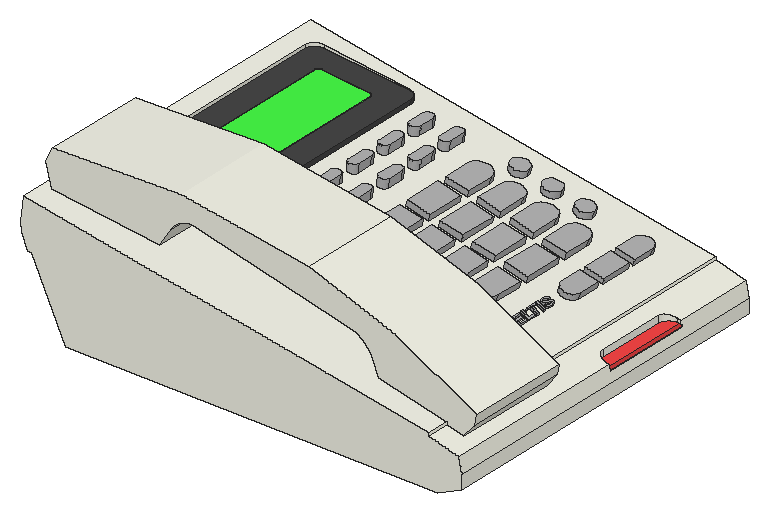
Revit family "Пульт поста охраны SC-5000D1", category Устройства связи, Revit 2017
Family settings
  Сохранять ориентацию аннотаций = Нет
  Размер круглого соединителя = Использовать диаметр
  Тип детали = Нормальный
  На основе рабочей плоскости = Нет
  Всегда вертикально = Да
  При загрузке вырезать с полостями = Нет
  Общий = Нет
  Точка расчета площади = Нет
Parameters (values of type "Пульт поста охраны SC-5000D1")
  Отступ от грани [instance] = 100 mm
  Описание = "Пульт поста охраны SC-5000D1"
  Материал = Бежевый пластик
  Градус [instance] = if(Вертикально, 90.00°, 0.00°)  # 0.00°
  Горизонтальное [instance] = not(Вертикально)  # yes
  Вертикально [instance] = no
  URL = "https://www.eltis.com/catalog/pulty-konserzha/546/2622/"
  ADSK_Этаж [instance] = ""
  ADSK_Обозначение = "SC-5000D1"
  ADSK_Наименование краткое = "Пульт поста охраны"
  ADSK_Наименование = "Пульт поста охраны SC-5000D1"
  ADSK_Масса = 0.63
  ADSK_Марка = "SC-5000D1"
  ADSK_Завод-изготовитель = "ELTIS"  # constant formula
Reference planes
  plane 1 "По центру (Вперед/Назад)": y = 0
  plane 2: z = 0
  plane 3 "Е1": x = 0
  plane 4 "Е1Е": z = 100
Lines and regions (mm)
  reference lines
    curve 1: line (1, 0, 101) -> (126, 0, 101)
Dimensions and locks
  "Отступ от грани": plane 4 "Е1Е" to level
  locked: curve 1 to plane 3 "Е1" at 1
  locked: curve 1 to plane 4 "Е1Е" at 1
  "Градус": angle plane 4 "Е1Е" to curve 1
  aligned and locked: level to plane 2
  aligned and locked: nested 1 to plane 3 "Е1"
  aligned and locked: nested 1 to plane 1 "По центру (Вперед/Назад)"
  aligned and locked: nested 2 to plane 4 "Е1Е"
Nested families
  nested 1: "Пульт " at (206.777, 0, 100) x (0, 1, 0) z (0, 0, 1), visible <- "Горизонтальное", type "Пульт "
  nested 2: "Пульт " at (0, 0, 100) x (0, 1, 0) z (1, 0, 0), visible <- "Вертикально", type "Пульт "
Connectors
  electrical at (1, 0, 101)
    settings: on curve 1, index 1, voltage 0 V, apparent load 0 VA, apparent load phase1 0 VA, apparent load phase2 0 VA, apparent load phase3 0 VA, power factor 1, load classification "Прочее", number of poles 1, system type 12, power factor state 1, is connector primary yes, connector utility no, sub classification motor no, connector description ""
Definition of nested family "Пульт "
  Parameters (values of type "Пульт ")
    Ширина (внутр) = 83 mm
    Черный пластик = none
    Серый пластик = none
    Default Elevation = 1219.2 mm
    Красный пластик = none
    Зеленный пластик = none
    Бежевый пластик = none
  Reference planes
    plane 1 "По центру (Вперед/Назад)": y = 0
    plane 2: z = 0
    plane 3 "У23": x = 0
    plane 4: z = 3
    plane 5: z = 25
    plane 6 "EE1": x = -84
    plane 7: x = 84
    plane 8: y = 135.89
    plane 9: z = 26
    plane 10 "M12": through (-92.953, 216.234, 58.251) normal (0, -0.0872, 0.9962)
    plane 11 "T23": through (-92.953, 162.875, 58.396) normal (0, -0.214, 0.9768)
    plane 12 "T12345": y = 206.777
  Forms (mm)
    Extrusion 1, solid
      sketch origin (0, 0, 0) x (1, 0, 0) y (0, 1, 0)
        loop
          line (-1219.2, 1219.2) -> (-1219.2, -1219.2) -> (1219.2, -1219.2) -> (1219.2, 1219.2) -> (-1219.2, 1219.2)
      from 0 to -304.8
    Extrusion 2, solid, material <- "Бежевый пластик"
      sketch origin (0, 0, 0) x (0, 1, 0) y (0, 0, 1)
        loop
          arc (204.934, 59.631) -> (109.449, 47.326) -> (15.447, 26.536) r 1076
          line (15.447, 26.536) -> (15.255, 25.449) -> (1.278, 21.587) -> (0, 14.337) -> (0, 8.095) -> (10.927, 3) -> (185.577, 3) -> (201.412, 36.958) -> (203.067, 36.958) -> (206.258, 43.8) -> (206.777, 47.999) -> (204.934, 59.631)
      from -84 to 84
    Extrusion 3, solid
      sketch origin (0, 0, 0) x (1, 0, 0) y (0, 1, 0)
        loop
          circle (-65, 177.799) r 6.25
        loop
          circle (-67, 19.799) r 6.25
        loop
          circle (67, 19.799) r 6.25
        loop
          circle (65, 177.799) r 6.25
        loop
          arc (7.5, 81.999) -> (0, 89.499) -> (-7.5, 81.999) r 7.5
          line (-7.5, 81.999) -> (-7.5, 72.999)
          arc (-7.5, 72.999) -> (0, 65.499) -> (7.5, 72.999) r 7.5
          line (7.5, 72.999) -> (7.5, 81.999)
        loop
          arc (-2.5, 78.453) -> (0, 66.999) -> (2.5, 78.453) r 6
          line (2.5, 78.453) -> (2.5, 81.999)
          arc (2.5, 81.999) -> (0, 84.499) -> (-2.5, 81.999) r 2.5
          line (-2.5, 81.999) -> (-2.5, 78.453)
        loop
          line (-7.5, 167.999) -> (-7.5, 158.999)
          arc (-7.5, 158.999) -> (0, 151.499) -> (7.5, 158.999) r 7.5
          line (7.5, 158.999) -> (7.5, 167.999)
          arc (7.5, 167.999) -> (0, 175.499) -> (-7.5, 167.999) r 7.5
        loop
          line (2.5, 164.453) -> (2.5, 167.999)
          arc (2.5, 167.999) -> (0, 170.499) -> (-2.5, 167.999) r 2.5
          line (-2.5, 167.999) -> (-2.5, 164.453)
          arc (-2.5, 164.453) -> (0, 152.999) -> (2.5, 164.453) r 6
      from 0 to 3
    Extrusion 4, solid, material <- "Бежевый пластик"
      sketch origin (0, 0, 0) x (0, 1, 0) y (0, 0, 1)
        loop
          arc (199.859, 76.803) -> (139.623, 78.34) -> (80.127, 68.795) r 326.91
          arc (80.127, 68.795) -> (39.329, 54.76) -> (1.286, 34.408) r 270.083
          line (1.286, 34.408) -> (2.221, 29.564) -> (7.243, 23.436) -> (15.14, 25.552) -> (15.336, 26.661) -> (47.117, 33.998) -> (50.587, 41.792)
          arc (50.587, 41.792) -> (54.784, 47.068) -> (60.709, 50.285) r 16.908
          arc (60.709, 50.285) -> (96.953, 59.997) -> (133.787, 67.156) r 537.585
          arc (133.787, 67.156) -> (139.594, 66.392) -> (144.047, 62.588) r 10.311
          line (144.047, 62.588) -> (149.885, 53.599) -> (200.343, 59.237) -> (203.141, 70.363) -> (199.859, 76.803)
      from -73.392 to -25.154
    Extrusion 5, void
      sketch origin (0, -3.415, 39.034) x (0, 0.996195, 0.087156) y (-1, 0, 0)
        loop
          arc (200.318, 8) -> (198.853, 11.536) -> (195.318, 13) r 5
          line (195.318, 13) -> (155.318, 13)
          arc (155.318, 13) -> (151.782, 11.536) -> (150.318, 8) r 5
          line (150.318, 8) -> (150.318, -69)
          arc (150.318, -69) -> (151.782, -72.536) -> (155.318, -74) r 5
          line (155.318, -74) -> (195.318, -74)
          arc (195.318, -74) -> (198.853, -72.536) -> (200.318, -69) r 5
          line (200.318, -69) -> (200.318, 8)
      from -3.334 to 5.03
    Extrusion 6, solid, material <- "Черный пластик"
      sketch origin (0, -3.415, 39.034) x (0, 0.996195, 0.087156) y (-1, 0, 0)
        loop
          arc (200.318, 8) -> (198.853, 11.536) -> (195.318, 13) r 5
          line (195.318, 13) -> (155.318, 13)
          arc (155.318, 13) -> (151.782, 11.536) -> (150.318, 8) r 5
          line (150.318, 8) -> (150.318, -69)
          arc (150.318, -69) -> (151.782, -72.536) -> (155.318, -74) r 5
          line (155.318, -74) -> (195.318, -74)
          arc (195.318, -74) -> (198.853, -72.536) -> (200.318, -69) r 5
          line (200.318, -69) -> (200.318, 8)
        loop
          arc (188.318, -1) -> (187.732, 0.414) -> (186.318, 1) r 2
          line (186.318, 1) -> (164.318, 1)
          arc (164.318, 1) -> (162.903, 0.414) -> (162.318, -1) r 2
          line (162.318, -1) -> (162.318, -60)
          arc (162.318, -60) -> (162.903, -61.414) -> (164.318, -62) r 2
          line (164.318, -62) -> (186.318, -62)
          arc (186.318, -62) -> (187.732, -61.414) -> (188.318, -60) r 2
          line (188.318, -60) -> (188.318, -1)
      from -1.177 to 1.148
    Extrusion 7, solid, material <- "Зеленный пластик"
      sketch origin (0, -3.415, 39.034) x (0, 0.996195, 0.087156) y (-1, 0, 0)
        loop
          arc (188.318, -1) -> (187.732, 0.414) -> (186.318, 1) r 2
          line (186.318, 1) -> (164.318, 1)
          arc (164.318, 1) -> (162.903, 0.414) -> (162.318, -1) r 2
          line (162.318, -1) -> (162.318, -60)
          arc (162.318, -60) -> (162.903, -61.414) -> (164.318, -62) r 2
          line (164.318, -62) -> (186.318, -62)
          arc (186.318, -62) -> (187.732, -61.414) -> (188.318, -60) r 2
          line (188.318, -60) -> (188.318, -1)
      from -1.177 to 1.148
    Extrusion 8, solid, material <- "Серый пластик"
      sketch origin (0, -3.415, 39.034) x (0, 0.996195, 0.087156) y (-1, 0, 0)
        loop
          arc (142.083, 13.727) -> (139.583, 16.227) -> (137.083, 13.727) r 2.5
          line (137.083, 13.727) -> (137.083, 6.319)
          arc (137.083, 6.319) -> (139.583, 3.819) -> (142.083, 6.319) r 2.5
          line (142.083, 6.319) -> (142.083, 13.727)
        loop
          arc (127.813, 13.727) -> (125.313, 16.227) -> (122.813, 13.727) r 2.5
          line (122.813, 13.727) -> (122.813, 6.319)
          arc (122.813, 6.319) -> (125.313, 3.819) -> (127.813, 6.319) r 2.5
          line (127.813, 6.319) -> (127.813, 13.727)
        loop
          arc (142.083, -4.252) -> (139.583, -1.752) -> (137.083, -4.252) r 2.5
          line (137.083, -4.252) -> (137.083, -11.66)
          arc (137.083, -11.66) -> (139.583, -14.16) -> (142.083, -11.66) r 2.5
          line (142.083, -11.66) -> (142.083, -4.252)
        loop
          arc (127.813, -4.252) -> (125.313, -1.752) -> (122.813, -4.252) r 2.5
          line (122.813, -4.252) -> (122.813, -11.66)
          arc (122.813, -11.66) -> (125.313, -14.16) -> (127.813, -11.66) r 2.5
          line (127.813, -11.66) -> (127.813, -4.252)
        loop
          arc (142.083, -22.491) -> (139.583, -19.991) -> (137.083, -22.491) r 2.5
          line (137.083, -22.491) -> (137.083, -29.899)
          arc (137.083, -29.899) -> (139.583, -32.399) -> (142.083, -29.899) r 2.5
          line (142.083, -29.899) -> (142.083, -22.491)
        loop
          arc (127.813, -22.491) -> (125.313, -19.991) -> (122.813, -22.491) r 2.5
          line (122.813, -22.491) -> (122.813, -29.899)
          arc (122.813, -29.899) -> (125.313, -32.399) -> (127.813, -29.899) r 2.5
          line (127.813, -29.899) -> (127.813, -22.491)
        loop
          arc (142.083, -40.469) -> (139.583, -37.969) -> (137.083, -40.469) r 2.5
          line (137.083, -40.469) -> (137.083, -47.877)
          arc (137.083, -47.877) -> (139.583, -50.377) -> (142.083, -47.877) r 2.5
          line (142.083, -47.877) -> (142.083, -40.469)
        loop
          arc (127.813, -40.469) -> (125.313, -37.969) -> (122.813, -40.469) r 2.5
          line (122.813, -40.469) -> (122.813, -47.877)
          arc (122.813, -47.877) -> (125.313, -50.377) -> (127.813, -47.877) r 2.5
          line (127.813, -47.877) -> (127.813, -40.469)
        loop
          arc (142.083, -58.286) -> (139.583, -55.786) -> (137.083, -58.286) r 2.5
          line (137.083, -58.286) -> (137.083, -65.694)
          arc (137.083, -65.694) -> (139.583, -68.194) -> (142.083, -65.694) r 2.5
          line (142.083, -65.694) -> (142.083, -58.286)
        loop
          arc (127.813, -58.286) -> (125.313, -55.786) -> (122.813, -58.286) r 2.5
          line (122.813, -58.286) -> (122.813, -65.694)
          arc (122.813, -65.694) -> (125.313, -68.194) -> (127.813, -65.694) r 2.5
          line (127.813, -65.694) -> (127.813, -58.286)
      from -3.334 to 0.542
    Extrusion 9, solid, material <- "Серый пластик"
      sketch origin (0, -4.749, 21.681) x (0, 0.976842, 0.213963) y (-1, 0, 0)
        loop
          line (114.022, -12.477) -> (114.022, 0.523)
          arc (114.022, 0.523) -> (108.512, 6.034) -> (103.001, 0.523) r 5.511
          line (103.001, 0.523) -> (103.001, -12.477) -> (114.022, -12.477)
        loop
          line (98.486, -12.477) -> (98.486, 0.523)
          arc (98.486, 0.523) -> (92.975, 6.034) -> (87.464, 0.523) r 5.511
          line (87.464, 0.523) -> (87.464, -12.477) -> (98.486, -12.477)
        loop
          line (82.789, -12.477) -> (82.789, 0.523)
          arc (82.789, 0.523) -> (77.279, 6.034) -> (71.768, 0.523) r 5.511
          line (71.768, 0.523) -> (71.768, -12.477) -> (82.789, -12.477)
        loop
          line (67.144, -12.477) -> (67.144, 0.523)
          arc (67.144, 0.523) -> (61.634, 6.034) -> (56.123, 0.523) r 5.511
          line (56.123, 0.523) -> (56.123, -12.477) -> (67.144, -12.477)
        loop
          line (114.022, -39.477) -> (103.001, -39.477) -> (103.001, -52.477)
          arc (103.001, -52.477) -> (108.512, -57.988) -> (114.022, -52.477) r 5.511
          line (114.022, -52.477) -> (114.022, -39.477)
        loop
          line (98.486, -39.477) -> (87.464, -39.477) -> (87.464, -52.477)
          arc (87.464, -52.477) -> (92.975, -57.988) -> (98.486, -52.477) r 5.511
          line (98.486, -52.477) -> (98.486, -39.477)
        loop
          line (82.789, -39.477) -> (71.768, -39.477) -> (71.768, -52.477)
          arc (71.768, -52.477) -> (77.279, -57.988) -> (82.789, -52.477) r 5.511
          line (82.789, -52.477) -> (82.789, -39.477)
        loop
          line (67.144, -39.477) -> (56.123, -39.477) -> (56.123, -52.477)
          arc (56.123, -52.477) -> (61.634, -57.988) -> (67.144, -52.477) r 5.511
          line (67.144, -52.477) -> (67.144, -39.477)
        loop
          line (114.022, -16.977) -> (103.001, -16.977) -> (103.001, -34.977) -> (114.022, -34.977) -> (114.022, -16.977)
        loop
          line (98.486, -16.977) -> (87.464, -16.977) -> (87.464, -34.977) -> (98.486, -34.977) -> (98.486, -16.977)
        loop
          line (82.789, -16.977) -> (71.768, -16.977) -> (71.768, -34.977) -> (82.789, -34.977) -> (82.789, -16.977)
        loop
          line (67.144, -16.977) -> (56.123, -16.977) -> (56.123, -34.977) -> (67.144, -34.977) -> (67.144, -16.977)
        loop
          circle (101.037, -67.357) r 4.169
        loop
          circle (85.412, -67.357) r 4.169
        loop
          circle (69.787, -67.357) r 4.169
        loop
          arc (46.468, -25.178) -> (42.039, -20.749) -> (37.61, -25.178) r 4.429
          line (37.61, -25.178) -> (37.61, -35.721) -> (46.468, -35.721) -> (46.468, -25.178)
        loop
          line (46.468, -38.66) -> (37.61, -38.66) -> (37.61, -53.75) -> (46.468, -53.75) -> (46.468, -38.66)
        loop
          line (46.468, -67.231) -> (46.468, -56.689) -> (37.61, -56.689) -> (37.61, -67.231)
          arc (37.61, -67.231) -> (42.039, -71.66) -> (46.468, -67.231) r 4.429
      from -0.749 to 2.105
    Extrusion 10, solid, material <- "Серый пластик"
      sketch origin (0, -4.749, 21.681) x (0, 0.976842, 0.213963) y (-1, 0, 0)
        loop
          line (45.602, 0.907) -> (45.602, 5) -> (40.71, 6.566) -> (40.71, 2.091) -> (41.519, 1.859) -> (41.519, 5.134) -> (42.746, 4.782) -> (42.746, 2.072) -> (43.686, 1.803) -> (43.686, 4.513) -> (44.667, 4.231) -> (44.667, 1.175) -> (45.602, 0.907)
        loop
          line (45.602, -0.371) -> (40.71, 1.194) -> (40.71, -2.71) -> (41.519, -2.942) -> (41.519, -0.156) -> (45.602, -1.642) -> (45.602, -0.371)
        loop
          line (45.602, -3.598) -> (44.869, -3.331) -> (44.869, -5.127) -> (40.71, -3.796) -> (40.71, -4.861) -> (44.869, -6.192) -> (44.869, -7.956) -> (45.602, -8.223) -> (45.602, -3.598)
        loop
          line (45.602, -9.269) -> (40.71, -7.703) -> (40.71, -8.772) -> (45.602, -10.338) -> (45.602, -9.269)
        loop
          arc (42.186, -10.218) -> (41.39, -10.275) -> (40.897, -10.903) r 0.985
          arc (40.897, -10.903) -> (40.729, -11.949) -> (40.75, -13.008) r 5.942
          arc (40.75, -13.008) -> (41.078, -14.033) -> (41.856, -14.778) r 2.188
          arc (41.856, -14.778) -> (42.241, -14.916) -> (42.651, -14.918) r 1.208
          arc (42.651, -14.918) -> (43.079, -14.71) -> (43.312, -14.295) r 0.796
          line (43.312, -14.295) -> (43.789, -12.513)
          arc (43.789, -12.513) -> (44.144, -12.064) -> (44.663, -12.303) r 0.462
          arc (44.663, -12.303) -> (44.88, -13.415) -> (44.202, -14.323) r 1.398
          line (44.202, -14.323) -> (44.202, -15.523)
          arc (44.202, -15.523) -> (45.146, -15.098) -> (45.546, -14.143) r 1.411
          arc (45.546, -14.143) -> (45.605, -13.099) -> (45.401, -12.073) r 4.158
          arc (45.401, -12.073) -> (44.84, -11.264) -> (43.932, -10.883) r 1.757
          arc (43.932, -10.883) -> (43.393, -11.016) -> (43.072, -11.469) r 0.797
          line (43.072, -11.469) -> (42.532, -13.484)
          arc (42.532, -13.484) -> (42.029, -13.749) -> (41.604, -13.37) r 0.5
          arc (41.604, -13.37) -> (41.379, -12.666) -> (41.427, -11.929) r 1.987
          arc (41.427, -11.929) -> (41.666, -11.443) -> (42.186, -11.292) r 0.673
          line (42.186, -11.292) -> (42.186, -10.218)
      from -0.069 to 0.618
    Extrusion 11, void
      sketch origin (0, 0, 0) x (1, 0, 0) y (0, 1, 0)
        loop
          line (4, 3.127) -> (4, -5.838) -> (45.843, -5.838) -> (45.843, 3.127)
          arc (45.843, 3.127) -> (44.424, 6.551) -> (41, 7.969) r 4.843
          line (41, 7.969) -> (8.843, 7.969)
          arc (8.843, 7.969) -> (5.418, 6.551) -> (4, 3.127) r 4.843
      from 18.897 to 36.958
    Extrusion 12, void
      sketch origin (0, 206.777, 0) x (-1, 0, 0) y (0, 0, 1)
        loop
          line (-55, 3) -> (55, 3) -> (55, 23.5)
          arc (55, 23.5) -> (53.536, 27.036) -> (50, 28.5) r 5
          line (50, 28.5) -> (-50, 28.5)
          arc (-50, 28.5) -> (-53.536, 27.036) -> (-55, 23.5) r 5
          line (-55, 23.5) -> (-55, 3)
      from -21.245 to -6.283
    Extrusion 13, void
      sketch origin (0, 206.777, 0) x (-1, 0, 0) y (0, 0, 1)
        loop
          circle (-38.723, 18.152) r 3.97
        loop
          line (-13, 12.13) -> (-13, 16.63) -> (-22, 16.63) -> (-22, 12.13) -> (-13, 12.13)
        loop
          arc (-7.432, 26) -> (-8.14, 25.707) -> (-8.432, 25) r 1
          line (-8.432, 25) -> (-8.432, 12)
          arc (-8.432, 12) -> (-8.14, 11.293) -> (-7.432, 11) r 1
          line (-7.432, 11) -> (44.534, 11)
          arc (44.534, 11) -> (45.242, 11.293) -> (45.534, 12) r 1
          line (45.534, 12) -> (45.534, 25)
          arc (45.534, 25) -> (45.242, 25.707) -> (44.534, 26) r 1
          line (44.534, 26) -> (-7.432, 26)
      from -22.848 to -10.272
    Extrusion 14, solid, material <- "Черный пластик"
      sketch origin (0, 206.777, 0) x (-1, 0, 0) y (0, 0, 1)
        loop
          circle (-38.723, 18.152) r 3.97
        loop
          line (-22, 16.63) -> (-22, 12.13) -> (-13, 12.13) -> (-13, 16.63) -> (-22, 16.63)
        loop
          line (-8.432, 25) -> (-8.432, 12)
          arc (-8.432, 12) -> (-8.14, 11.293) -> (-7.432, 11) r 1
          line (-7.432, 11) -> (44.534, 11)
          arc (44.534, 11) -> (45.242, 11.293) -> (45.534, 12) r 1
          line (45.534, 12) -> (45.534, 25)
          arc (45.534, 25) -> (45.242, 25.707) -> (44.534, 26) r 1
          line (44.534, 26) -> (-7.432, 26)
          arc (-7.432, 26) -> (-8.14, 25.707) -> (-8.432, 25) r 1
      from -22.848 to -21.245
    Extrusion 15, solid, material <- "Красный пластик"
      sketch origin (0, 0, 0) x (1, 0, 0) y (0, 1, 0)
        loop
          arc (8.843, 7.969) -> (5.418, 6.551) -> (4, 3.127) r 4.843
          line (4, 3.127) -> (4, 1.278) -> (45.843, 1.278) -> (45.843, 3.127)
          arc (45.843, 3.127) -> (44.424, 6.551) -> (41, 7.969) r 4.843
          line (41, 7.969) -> (8.843, 7.969)
      from 18.897 to 20.568
  Cuts and joins
    Extrusion 5, Extrusion 11, Extrusion 12, Extrusion 13 cuts Extrusion 2
  Dimensions and locks
    equal spacing: plane 6 "EE1", plane 3 "У23", plane 7
    plane 6 "EE1" to plane 7 = 168 mm
    aligned and locked: plane 2 to Extrusion 1
    aligned and locked: level to Extrusion 1
    aligned and locked: plane 7 to Extrusion 2
    aligned and locked: Extrusion 2 to plane 6 "EE1"
    aligned and locked: plane 4 to Extrusion 3
    aligned and locked: Extrusion 3 to level
  Automatic sketch dimensions
    Extrusion 1 sketch curve to Extrusion 1 sketch curve = 2438.4 mm  (x2)
    Extrusion 2 sketch curve to plane 1 "По центру (Вперед/Назад)" = 0 mm
    Extrusion 2 sketch curve to plane 4 = 0 mm
    Extrusion 2 sketch curve to plane 12 "T12345" = 0 mm
    Extrusion 2 sketch curve to plane 1 "По центру (Вперед/Назад)" = 1.278 mm
    Extrusion 2 sketch curve to plane 1 "По центру (Вперед/Назад)" = 10.927 mm
    plane 5 to Extrusion 2 sketch curve = 0.449 mm
    Extrusion 2 sketch curve to Extrusion 2 sketch curve = 13.977 mm
    plane 9 to Extrusion 2 sketch curve = 0.536 mm
    Extrusion 2 sketch curve to Extrusion 2 sketch curve = 0.192 mm
    Extrusion 2 sketch curve to plane 12 "T12345" = 21.199 mm
    Extrusion 2 sketch curve to plane 12 "T12345" = 5.365 mm
    Extrusion 2 sketch curve to Extrusion 2 sketch curve = 1.655 mm
    Extrusion 2 sketch curve to plane 12 "T12345" = 1.842 mm
    Extrusion 2 sketch curve to plane 12 "T12345" = 0.519 mm
    plane 12 "T12345" to Extrusion 2 sketch curve = 87.798 mm
    Extrusion 2 sketch curve to level = 1012.629 mm
    plane 4 to Extrusion 2 sketch curve = 5.095 mm
    Extrusion 2 sketch curve to Extrusion 2 sketch curve = 6.242 mm
    Extrusion 2 sketch curve to plane 5 = 3.413 mm
    plane 9 to Extrusion 2 sketch curve = 10.958 mm
    Extrusion 2 sketch curve to Extrusion 2 sketch curve = 6.842 mm
    Extrusion 2 sketch curve to Extrusion 2 sketch curve = 4.199 mm
    Extrusion 3 sketch curve to Extrusion 3 sketch curve = 0 mm  (x16)
    Extrusion 3 sketch curve to plane 3 "У23" = 0 mm  (x2)
    Extrusion 3 sketch curve to plane 3 "У23" = 2.5 mm
    Extrusion 3 sketch curve to Extrusion 3 sketch curve = 2.5 mm
    Extrusion 3 sketch curve to Extrusion 3 sketch curve = 5 mm  (x2)
    plane 6 "EE1" to Extrusion 3 sketch curve = 19 mm
    plane 6 "EE1" to Extrusion 3 sketch curve = 17 mm
    Extrusion 3 sketch curve to plane 7 = 19 mm
    Extrusion 3 sketch curve to plane 7 = 17 mm
    Extrusion 3 sketch curve to plane 1 "По центру (Вперед/Назад)" = 19.799 mm  (x2)
    Extrusion 3 sketch curve to plane 8 = 62.891 mm
    Extrusion 3 sketch curve to Extrusion 3 sketch curve = 5.454 mm  (x2)
    Extrusion 3 sketch curve to Extrusion 3 sketch curve = 3.546 mm  (x2)
    plane 8 to Extrusion 3 sketch curve = 23.109 mm
    Extrusion 3 sketch curve to plane 12 "T12345" = 28.977 mm  (x2)
    Extrusion 3 sketch curve to Extrusion 3 sketch curve = 6.25 mm  (x4)
    Extrusion 4 sketch curve to plane 1 "По центру (Вперед/Назад)" = 1.286 mm
    Extrusion 4 sketch curve to plane 1 "По центру (Вперед/Назад)" = 2.221 mm
    Extrusion 4 sketch curve to plane 5 = 1.564 mm
    Extrusion 4 sketch curve to plane 1 "По центру (Вперед/Назад)" = 7.243 mm
    Extrusion 4 sketch curve to plane 9 = 0.448 mm
    Extrusion 4 sketch curve to Extrusion 4 sketch curve = 7.897 mm
    plane 9 to Extrusion 4 sketch curve = 0.661 mm
    Extrusion 4 sketch curve to Extrusion 4 sketch curve = 0.195 mm
    plane 9 to Extrusion 4 sketch curve = 7.998 mm
    Extrusion 4 sketch curve to Extrusion 4 sketch curve = 31.781 mm
    plane 9 to Extrusion 4 sketch curve = 15.792 mm
    Extrusion 4 sketch curve to Extrusion 4 sketch curve = 3.47 mm
    plane 9 to Extrusion 4 sketch curve = 8.116 mm
    Extrusion 4 sketch curve to Extrusion 4 sketch curve = 15.066 mm
    Extrusion 4 sketch curve to plane 8 = 0.49 mm
    plane 8 to Extrusion 4 sketch curve = 8.158 mm
    plane 8 to Extrusion 4 sketch curve = 11.414 mm
    Extrusion 4 sketch curve to Extrusion 4 sketch curve = 5.838 mm
    plane 8 to Extrusion 4 sketch curve = 25.549 mm
    Extrusion 4 sketch curve to plane 12 "T12345" = 6.917 mm
    Extrusion 4 sketch curve to plane 12 "T12345" = 6.434 mm
    Extrusion 4 sketch curve to plane 12 "T12345" = 3.636 mm
    plane 12 "T12345" to Extrusion 4 sketch curve = 11.107 mm
    Extrusion 4 sketch curve to level = 192.8 mm
    Extrusion 4 sketch curve to Extrusion 4 sketch curve = 55.042 mm
    Extrusion 4 sketch curve to Extrusion 4 sketch curve = 215.968 mm
    plane 9 to Extrusion 4 sketch curve = 3.564 mm
    Extrusion 4 sketch curve to Extrusion 4 sketch curve = 4.844 mm
    plane 9 to Extrusion 4 sketch curve = 27.599 mm
    Extrusion 4 sketch curve to Extrusion 4 sketch curve = 3.374 mm
    plane 9 to Extrusion 4 sketch curve = 33.237 mm
    Extrusion 4 sketch curve to Extrusion 4 sketch curve = 5.616 mm
    Extrusion 4 sketch curve to Extrusion 4 sketch curve = 11.126 mm
    Extrusion 4 sketch curve to Extrusion 4 sketch curve = 6.44 mm
    Extrusion 4 sketch curve to Extrusion 4 sketch curve = 0 mm
    Extrusion 5 sketch curve to plane 3 "У23" = 8 mm  (x2)
    Extrusion 5 sketch curve to Extrusion 5 sketch curve = 5 mm  (x3)
    Extrusion 5 sketch curve to Extrusion 5 sketch curve = 40 mm
    Extrusion 5 sketch curve to plane 7 = 15 mm
    Extrusion 6 sketch curve to plane 3 "У23" = 8 mm
    Extrusion 6 sketch curve to Extrusion 6 sketch curve = 5 mm  (x3)
    Extrusion 6 sketch curve to Extrusion 6 sketch curve = 7 mm
    Extrusion 6 sketch curve to plane 3 "У23" = 1 mm
    Extrusion 6 sketch curve to Extrusion 6 sketch curve = 2 mm  (x3)
    plane 3 "У23" to Extrusion 6 sketch curve = 1 mm
    Extrusion 6 sketch curve to Extrusion 6 sketch curve = 22 mm
    Extrusion 6 sketch curve to Extrusion 6 sketch curve = 9 mm  (x3)
    Extrusion 6 sketch curve to plane 7 = 24 mm
    plane 3 "У23" to Extrusion 7 sketch curve = 1 mm  (x2)
    Extrusion 7 sketch curve to plane 3 "У23" = 1 mm
    Extrusion 7 sketch curve to Extrusion 7 sketch curve = 2 mm  (x2)
    Extrusion 7 sketch curve to Extrusion 7 sketch curve = 22 mm
    Extrusion 7 sketch curve to plane 7 = 24 mm
    Extrusion 8 sketch curve to plane 7 = 25.714 mm
    plane 3 "У23" to Extrusion 8 sketch curve = 11.66 mm
    Extrusion 8 sketch curve to Extrusion 8 sketch curve = 0 mm  (x4)
    Extrusion 8 sketch curve to Extrusion 8 sketch curve = 2.5 mm  (x10)
    Extrusion 8 sketch curve to Extrusion 8 sketch curve = 9.27 mm  (x5)
    Extrusion 8 sketch curve to Extrusion 8 sketch curve = 7.408 mm  (x9)
    Extrusion 8 sketch curve to Extrusion 8 sketch curve = 10.409 mm  (x2)
    Extrusion 8 sketch curve to Extrusion 8 sketch curve = 10.571 mm  (x2)
    Extrusion 8 sketch curve to Extrusion 8 sketch curve = 10.831 mm
    plane 3 "У23" to Extrusion 8 sketch curve = 4.252 mm  (x2)
    Extrusion 8 sketch curve to plane 3 "У23" = 6.319 mm  (x2)
    Extrusion 9 sketch curve to plane 7 = 16.769 mm
    Extrusion 9 sketch curve to Extrusion 9 sketch curve = 0 mm  (x19)
    Extrusion 9 sketch curve to Extrusion 9 sketch curve = 4.429 mm  (x2)
    Extrusion 9 sketch curve to Extrusion 9 sketch curve = 9.655 mm  (x2)
    Extrusion 9 sketch curve to Extrusion 9 sketch curve = 5.511 mm  (x8)
    Extrusion 9 sketch curve to plane 3 "У23" = 0.523 mm  (x4)
    Extrusion 9 sketch curve to Extrusion 9 sketch curve = 2.643 mm
    Extrusion 9 sketch curve to Extrusion 9 sketch curve = 4.624 mm
    Extrusion 9 sketch curve to Extrusion 9 sketch curve = 2.623 mm
    Extrusion 9 sketch curve to Extrusion 9 sketch curve = 4.675 mm  (x2)
    Extrusion 9 sketch curve to Extrusion 9 sketch curve = 2.552 mm
    Extrusion 9 sketch curve to Extrusion 9 sketch curve = 4.516 mm  (x2)
    Extrusion 9 sketch curve to plane 7 = 16.643 mm  (x2)
    Extrusion 9 sketch curve to Extrusion 9 sketch curve = 10.543 mm  (x2)
    Extrusion 9 sketch curve to Extrusion 9 sketch curve = 2.939 mm  (x2)
    Extrusion 9 sketch curve to Extrusion 9 sketch curve = 1.273 mm
    Extrusion 9 sketch curve to Extrusion 9 sketch curve = 14.88 mm
    Extrusion 9 sketch curve to Extrusion 9 sketch curve = 13 mm  (x2)
    Extrusion 9 sketch curve to Extrusion 9 sketch curve = 15.09 mm
    Extrusion 9 sketch curve to Extrusion 9 sketch curve = 4.5 mm  (x8)
    plane 3 "У23" to Extrusion 9 sketch curve = 16.977 mm
    Extrusion 9 sketch curve to Extrusion 9 sketch curve = 8.201 mm
    Extrusion 10 sketch curve to plane 3 "У23" = 2.091 mm
    Extrusion 10 sketch curve to Extrusion 10 sketch curve = 0 mm  (x9)
    plane 3 "У23" to Extrusion 10 sketch curve = 4.861 mm
    Extrusion 10 sketch curve to plane 3 "У23" = 1.194 mm
    Extrusion 10 sketch curve to Extrusion 10 sketch curve = 0.747 mm
    Extrusion 10 sketch curve to Extrusion 10 sketch curve = 0.809 mm  (x2)
    Extrusion 10 sketch curve to Extrusion 10 sketch curve = 0.396 mm
    Extrusion 10 sketch curve to Extrusion 10 sketch curve = 0.633 mm
    Extrusion 10 sketch curve to Extrusion 10 sketch curve = 0.246 mm
    Extrusion 10 sketch curve to Extrusion 10 sketch curve = 0.333 mm
    Extrusion 10 sketch curve to Extrusion 10 sketch curve = 0.362 mm
    plane 3 "У23" to Extrusion 10 sketch curve = 13.484 mm
    Extrusion 10 sketch curve to Extrusion 10 sketch curve = 0.081 mm
    Extrusion 10 sketch curve to Extrusion 10 sketch curve = 0.082 mm
    Extrusion 10 sketch curve to plane 3 "У23" = 4.782 mm
    Extrusion 10 sketch curve to Extrusion 10 sketch curve = 1.227 mm
    Extrusion 10 sketch curve to Extrusion 10 sketch curve = 0.402 mm
    plane 3 "У23" to Extrusion 10 sketch curve = 11.469 mm
    Extrusion 10 sketch curve to Extrusion 10 sketch curve = 0.887 mm
    plane 3 "У23" to Extrusion 10 sketch curve = 14.295 mm
    Extrusion 10 sketch curve to Extrusion 10 sketch curve = 0.778 mm
    Extrusion 10 sketch curve to Extrusion 10 sketch curve = 0.417 mm
    Extrusion 10 sketch curve to Extrusion 10 sketch curve = 0.583 mm
    Extrusion 10 sketch curve to Extrusion 10 sketch curve = 0.94 mm
    Extrusion 10 sketch curve to Extrusion 10 sketch curve = 0.383 mm
    plane 3 "У23" to Extrusion 10 sketch curve = 12.513 mm
    Extrusion 10 sketch curve to Extrusion 10 sketch curve = 0.055 mm
    Extrusion 10 sketch curve to Extrusion 10 sketch curve = 0.77 mm
    Extrusion 10 sketch curve to Extrusion 10 sketch curve = 0.824 mm
    Extrusion 10 sketch curve to Extrusion 10 sketch curve = 0.067 mm
    Extrusion 10 sketch curve to Extrusion 10 sketch curve = 0.462 mm
    Extrusion 10 sketch curve to plane 3 "У23" = 1.175 mm
    Extrusion 10 sketch curve to Extrusion 10 sketch curve = 0.982 mm
    Extrusion 10 sketch curve to Extrusion 10 sketch curve = 4.159 mm
    plane 3 "У23" to Extrusion 10 sketch curve = 5.127 mm
    plane 3 "У23" to Extrusion 10 sketch curve = 0.371 mm
    Extrusion 10 sketch curve to Extrusion 10 sketch curve = 0.935 mm  (x2)
    Extrusion 10 sketch curve to Extrusion 10 sketch curve = 0.733 mm
    plane 3 "У23" to Extrusion 10 sketch curve = 9.269 mm
    Extrusion 10 sketch curve to Extrusion 10 sketch curve = 1.055 mm
    Extrusion 10 sketch curve to Extrusion 10 sketch curve = 0.027 mm
    Extrusion 10 sketch curve to Extrusion 10 sketch curve = 1.2 mm
    Extrusion 10 sketch curve to Extrusion 10 sketch curve = 0.647 mm
    Extrusion 10 sketch curve to Extrusion 10 sketch curve = 0.209 mm
    Extrusion 10 sketch curve to Extrusion 10 sketch curve = 0.243 mm
    Extrusion 10 sketch curve to Extrusion 10 sketch curve = 0.338 mm
    Extrusion 10 sketch curve to Extrusion 10 sketch curve = 0.232 mm  (x3)
    Extrusion 10 sketch curve to Extrusion 10 sketch curve = 0.592 mm
    Extrusion 10 sketch curve to Extrusion 10 sketch curve = 0.231 mm
    Extrusion 10 sketch curve to Extrusion 10 sketch curve = 0.116 mm
    Extrusion 10 sketch curve to Extrusion 10 sketch curve = 0.205 mm
    Extrusion 10 sketch curve to Extrusion 10 sketch curve = 0.06 mm
    Extrusion 10 sketch curve to Extrusion 10 sketch curve = 0.49 mm
    Extrusion 10 sketch curve to Extrusion 10 sketch curve = 0.206 mm
    Extrusion 10 sketch curve to Extrusion 10 sketch curve = 0.667 mm
    Extrusion 10 sketch curve to Extrusion 10 sketch curve = 0.147 mm
    Extrusion 10 sketch curve to Extrusion 10 sketch curve = 1.069 mm  (x2)
    Extrusion 10 sketch curve to Extrusion 10 sketch curve = 0.927 mm
    Extrusion 10 sketch curve to Extrusion 10 sketch curve = 1.446 mm
    Extrusion 10 sketch curve to Extrusion 10 sketch curve = 1.046 mm
    Extrusion 10 sketch curve to Extrusion 10 sketch curve = 0.267 mm  (x2)
    Extrusion 10 sketch curve to Extrusion 10 sketch curve = 1.064 mm  (x2)
    Extrusion 10 sketch curve to Extrusion 10 sketch curve = 1.529 mm
    Extrusion 10 sketch curve to Extrusion 10 sketch curve = 0.855 mm
    Extrusion 10 sketch curve to Extrusion 10 sketch curve = 1.271 mm
    plane 3 "У23" to Extrusion 10 sketch curve = 0.156 mm
    Extrusion 10 sketch curve to plane 3 "У23" = 0.907 mm
    Extrusion 10 sketch curve to Extrusion 10 sketch curve = 0.628 mm
    Extrusion 10 sketch curve to Extrusion 10 sketch curve = 0.269 mm  (x2)
    Extrusion 10 sketch curve to Extrusion 10 sketch curve = 0.551 mm
    Extrusion 10 sketch curve to Extrusion 10 sketch curve = 0.769 mm
    Extrusion 10 sketch curve to Extrusion 10 sketch curve = 0.352 mm
    Extrusion 10 sketch curve to Extrusion 10 sketch curve = 1.431 mm
    Extrusion 10 sketch curve to Extrusion 10 sketch curve = 0.707 mm
    Extrusion 10 sketch curve to Extrusion 10 sketch curve = 0.672 mm
    plane 3 "У23" to Extrusion 11 sketch curve = 4 mm
    Extrusion 11 sketch curve to Extrusion 11 sketch curve = 4.843 mm  (x2)
    Extrusion 11 sketch curve to plane 1 "По центру (Вперед/Назад)" = 7.969 mm
    Extrusion 11 sketch curve to Extrusion 11 sketch curve = 32.157 mm
    plane 1 "По центру (Вперед/Назад)" to Extrusion 11 sketch curve = 5.838 mm
    Extrusion 12 sketch curve to plane 4 = 0 mm
    Extrusion 12 sketch curve to plane 7 = 29 mm
    Extrusion 12 sketch curve to plane 5 = 1.5 mm  (x2)
    Extrusion 12 sketch curve to Extrusion 12 sketch curve = 5 mm
    plane 6 "EE1" to Extrusion 12 sketch curve = 34 mm
    Extrusion 13 sketch curve to plane 5 = 0 mm  (x2)
    Extrusion 13 sketch curve to plane 9 = 0 mm
    Extrusion 13 sketch curve to plane 5 = 6.848 mm
    plane 3 "У23" to Extrusion 13 sketch curve = 38.723 mm
    Extrusion 13 sketch curve to Extrusion 13 sketch curve = 16.723 mm
    Extrusion 13 sketch curve to Extrusion 13 sketch curve = 9 mm
    Extrusion 13 sketch curve to Extrusion 13 sketch curve = 4.568 mm
    Extrusion 13 sketch curve to Extrusion 13 sketch curve = 1 mm
    plane 4 to Extrusion 13 sketch curve = 8 mm
    plane 6 "EE1" to Extrusion 13 sketch curve = 39.466 mm
    Extrusion 13 sketch curve to Extrusion 13 sketch curve = 0 mm
    Extrusion 13 sketch curve to Extrusion 13 sketch curve = 0.13 mm
    Extrusion 13 sketch curve to Extrusion 13 sketch curve = 4.5 mm
    Extrusion 14 sketch curve to Extrusion 14 sketch curve = 0 mm  (x2)
    Extrusion 14 sketch curve to plane 5 = 0 mm  (x2)
    Extrusion 14 sketch curve to plane 9 = 0 mm
    Extrusion 14 sketch curve to plane 5 = 6.848 mm
    plane 3 "У23" to Extrusion 14 sketch curve = 38.723 mm
    Extrusion 14 sketch curve to plane 5 = 8.37 mm
    Extrusion 14 sketch curve to Extrusion 14 sketch curve = 16.723 mm
    Extrusion 14 sketch curve to Extrusion 14 sketch curve = 9 mm
    Extrusion 14 sketch curve to Extrusion 14 sketch curve = 4.568 mm
    Extrusion 14 sketch curve to Extrusion 14 sketch curve = 1 mm  (x2)
    plane 6 "EE1" to Extrusion 14 sketch curve = 39.466 mm
    Extrusion 14 sketch curve to Extrusion 14 sketch curve = 4.5 mm
    plane 4 to Extrusion 14 sketch curve = 9 mm
    Extrusion 14 sketch curve to Extrusion 14 sketch curve = 3.97 mm
    Extrusion 15 sketch curve to plane 1 "По центру (Вперед/Назад)" = 1.278 mm
    plane 3 "У23" to Extrusion 15 sketch curve = 4 mm
    Extrusion 15 sketch curve to Extrusion 15 sketch curve = 4.843 mm
    Extrusion 15 sketch curve to plane 1 "По центру (Вперед/Назад)" = 7.969 mm
    Extrusion 15 sketch curve to Extrusion 15 sketch curve = 32.157 mm
    Extrusion 15 sketch curve to plane 1 "По центру (Вперед/Назад)" = 3.127 mm
    radius of Extrusion 9 sketch curve = 4.169 mm  (x3)
    radius of Extrusion 13 sketch curve = 3.97 mm
